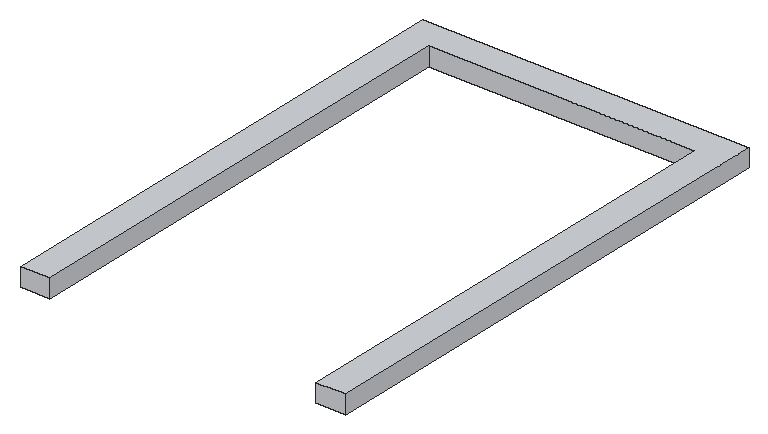
Revit family "Trim_Top Surround", category Windows, host Face, Revit 2019
Family settings
  Host = Face
  Cut with Voids When Loaded = No
  Shared = Yes
  Room Calculation Point = No
Parameters
  Width [instance] = 3' - 0"
  Trim Sill [instance] = 0' - 4"
  Trim Material [instance] = none
  Height [instance] = 5' - 0"
  Default Elevation = 3' - 0"
  Analytic Construction = "<None>"
Reference planes (in)
  plane 1: y = 0
  plane 2: z = 0
  plane 3 "Center (Left/Right)": x = 0
  plane 4: y = 60
  plane 5: x = -18
  plane 6: x = 18
  plane 7: y = 30
  plane 8: z = 4
  plane 9: y = 64
  plane 10: x = 22
  plane 11: x = -22
  plane 12: y = -4
Forms (in)
  Sweep 1, solid, material <- "Trim Material"
    path origin (0, 0, 0) x (1, 0, 0) y (0, 1, 0)
      loop
        line (-18, 64) -> (-18, -4)
    profile "Foam Trim 2 : Foam Trim 2" origin (-18, 30, 0) x (1, 0, 0) y (0, 0, 1)
      loop
        line (-4, 0) -> (0, 0) -> (0, 2.5) -> (-4, 2.5) -> (-4, 0)
  Sweep 2, solid, material <- "Trim Material"
    path origin (0, 0, 0) x (1, 0, 0) y (0, 1, 0)
      loop
        line (18, 64) -> (18, -4)
    profile "Foam Trim 2 : Foam Trim 2" origin (18, 30, 0) x (1, 0, 0) y (0, 0, 1)
      loop
        line (4, 0) -> (4, 2.5) -> (0, 2.5) -> (0, 0) -> (4, 0)
  Sweep 3, solid, material <- "Trim Material"
    path origin (0, 0, 0) x (1, 0, 0) y (0, 1, 0)
      loop
        line (-22, 60) -> (22, 60)
    profile "Foam Trim 2 : Foam Trim 2" origin (0, 60, 0) x (0, 1, 0) y (0, 0, 1)
      loop
        line (4, 0) -> (4, 2.5) -> (0, 2.5) -> (0, 0) -> (4, 0)
Cuts and joins
  joined: Sweep 1, Sweep 2, Sweep 3
Dimensions and locks (in)
  "Width": plane 5 to plane 6
  equal spacing: plane 5, plane 3 "Center (Left/Right)", plane 6
  "Height": plane 4 to plane 1
  equal spacing: plane 1, plane 7, plane 4
  "Trim Sill": plane 12 to plane 1
  locked: plane 11 to plane 5 at 4
  locked: plane 6 to plane 10 at 4
  locked: plane 9 to plane 4 at 4
  aligned and locked: plane 2 to host face
  aligned and locked: level to host face
  aligned and locked: Sweep 1 sketch curve to plane 5
  aligned and locked: plane 9 to Sweep 1 sketch curve
  aligned and locked: plane 12 to Sweep 1 sketch curve
  aligned and locked: plane 6 to Sweep 2 sketch curve
  aligned and locked: plane 9 to Sweep 2 sketch curve
  aligned and locked: plane 12 to Sweep 2 sketch curve
  aligned and locked: Sweep 3 sketch curve to plane 4
  aligned and locked: plane 11 to Sweep 3 sketch curve
  aligned and locked: plane 10 to Sweep 3 sketch curve
Automatic sketch dimensions
  host sketch curve to host sketch curve = 8' - 0"
  host sketch curve to host sketch curve = 12' - 2"
